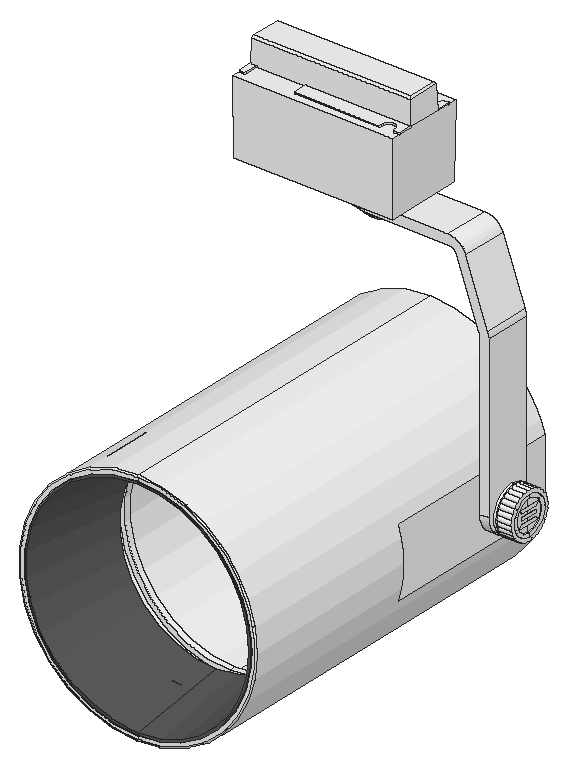
Revit family "STL22454BR_STL22454PTO", category Luminárias, Revit 2023
Family settings
  Cota do conector redondo = Utilizar diâmetro
  Tipo de parte = Normal
  Número OmniClass = 23.80.70.00
  Título OmniClass = Lighting
  Com base no plano de trabalho = Não
  Sempre na vertical = Sim
  Corte com vazios quando carregada = Não
  Fonte luminosa = Não
  Manter orientação da anotação = Não
  Compartilhado = Não
  Ponto de cálculo do ambiente = Não
Parameters (values of type "STL22454BR - BRANCO")
  URL = "https://stella.com.br/"
  Tensão Elétrica = "127-220V"
  Referência = "STL22454BR"
  Potência máxima = 15 W
  Modelo = "Flow PAR30 para Trace"
  Grau de proteção (IP) = "IP20"
  Fabricante = "Stella"
  Estrutura = Al - Branco
  Elevação padrão = 0 m
  Diâmetro do Spot = 0.104083 m
  Comprimento do Spot = 0.16 m
  Altura do Spot = 0.206 m
  Acabamento Spot = Al - Preto
Reference planes (m)
  plane 1 "Eixo de origem da luz (F/T)": y = 0
  plane 2: z = 0
  plane 3 "Eixo de origem da luz (E/D)": x = 0.0084
  plane 4 "Elevação da origem da luz": z = 2.4994
  plane 5: z = 2.444
  plane 6 "Superior": z = 2.65
  plane 7: y = 0.026
  plane 8: y = -0.134
  plane 9: x = 0.060441
  plane 10: z = 2.605
  plane 11: x = -0.043641
Forms (m)
  Extrusion 1, solid, material "Al - Branco" <- "Estrutura"
    sketch origin (-0.031726, 0, 0) x (0, -1, 0) y (0, 0, 1)
      loop
        line (-0.007222, 2.6384) -> (-0.017251, 2.6384) -> (-0.016801, 2.6064) -> (0.016801, 2.6064) -> (0.017251, 2.6384) -> (0.007222, 2.6384) -> (0.006942, 2.649) -> (0.006414, 2.65) -> (-0.006414, 2.65) -> (-0.006942, 2.649) -> (-0.007222, 2.6384)
    from -0.059624 to 0.013642
  Extrusion 2, void
    sketch origin (-0.023326, 0, 0) x (-1, 0, 0) y (0, 0, 1)
      loop
        line (-0.049422, 2.649) -> (-0.048894, 2.65) -> (-0.051224, 2.65) -> (-0.051224, 2.6064) -> (-0.049252, 2.6064) -> (-0.049702, 2.6384) -> (-0.049422, 2.649)
      loop
        line (0.020018, 2.649) -> (0.020298, 2.6384) -> (0.019847, 2.6064) -> (0.022042, 2.6064) -> (0.022042, 2.65) -> (0.01949, 2.65) -> (0.020018, 2.649)
    from -0.024982 to 0.021323
  Extrusion 3, solid, material "Al - Branco" <- "Estrutura"
    sketch origin (0.014478, 0, 0) x (0, -1, 0) y (0, 0, -1)
      loop
        line (-0.014499, -2.6064) -> (-0.014499, -2.60805) -> (-0.015326, -2.60805) -> (-0.015326, -2.60885)
        arc (-0.015326, -2.60885) -> (-0.015011, -2.609283) -> (-0.014499, -2.609443) r 0.000852
        line (-0.014499, -2.609443) -> (-0.014499, -2.6104) -> (0.014499, -2.6104) -> (0.014499, -2.609443)
        arc (0.014499, -2.609443) -> (0.015011, -2.609283) -> (0.015326, -2.60885) r 0.000852
        line (0.015326, -2.60885) -> (0.015326, -2.60805) -> (0.014499, -2.60805) -> (0.014499, -2.6064) -> (-0.014499, -2.6064)
    from -0.059624 to -0.055554
  Extrusion 4, void
    sketch origin (0.014478, 0, 0) x (0, -1, 0) y (0, 0, -1)
      loop
        line (-0.014699, -2.6106) -> (0.014699, -2.6106) -> (0.014699, -2.609627)
        arc (0.014699, -2.609627) -> (0.015219, -2.609371) -> (0.015526, -2.608879) r 0.001052
        line (0.015526, -2.608879) -> (0.015526, -2.60785) -> (0.014699, -2.60785) -> (0.014699, -2.6064) -> (-0.014699, -2.6064) -> (-0.014699, -2.60785) -> (-0.015526, -2.60785) -> (-0.015526, -2.608879)
        arc (-0.015526, -2.608879) -> (-0.015219, -2.609371) -> (-0.014699, -2.609627) r 0.001052
        line (-0.014699, -2.609627) -> (-0.014699, -2.6106)
    from -0.059624 to -0.024388
  Extrusion 5, solid, material "Al - Branco" <- "Estrutura"
    sketch origin (0.014478, -0.03, 0) x (0, -1, 0) y (0, 0, -1)
      loop
        line (-0.044499, -2.6064) -> (-0.044499, -2.60805) -> (-0.015501, -2.60805) -> (-0.015501, -2.6064) -> (-0.044499, -2.6064)
    from -0.055554 to -0.024388
  Extrusion 6, solid, material "Al - Branco" <- "Estrutura"
    sketch origin (-0.023326, 0, 0) x (-1, 0, 0) y (0, 0, 1)
      loop
        line (-0.011173, 2.6064) -> (-0.013416, 2.6064) -> (-0.013416, 2.605371) -> (-0.011173, 2.605371) -> (-0.011173, 2.6064)
    from -0.014499 to 0.014499
  Extrusion 7, solid, material "Al - Branco" <- "Estrutura"
    sketch origin (-0.023326, 0, 2.574) x (0, 1, 0) y (-1, 0, 0)
      loop
        arc (0.013719, -0.047484) -> (0.013573, -0.04713) -> (0.013219, -0.046984) r 0.0005
        line (0.013219, -0.046984) -> (0.012346, -0.046984)
        arc (0.012346, -0.046984) -> (0.009533, -0.044171) -> (0.012346, -0.041358) r 0.002813
        line (0.012346, -0.041358) -> (0.013219, -0.041358)
        arc (0.013219, -0.041358) -> (0.013573, -0.041211) -> (0.013719, -0.040857) r 0.0005
        line (0.013719, -0.040857) -> (0.013719, -0.008488)
        arc (0.013719, -0.008488) -> (0.013573, -0.008135) -> (0.013219, -0.007988) r 0.0005
        line (0.013219, -0.007988) -> (0.007222, -0.007988) -> (0.007222, -0.049702) -> (0.013219, -0.049702)
        arc (0.013219, -0.049702) -> (0.013573, -0.049556) -> (0.013719, -0.049202) r 0.0005
        line (0.013719, -0.049202) -> (0.013719, -0.047484)
      loop
        line (-0.013719, -0.047484) -> (-0.013719, -0.04935)
        arc (-0.013719, -0.04935) -> (-0.013573, -0.049704) -> (-0.013219, -0.04985) r 0.0005
        line (-0.013219, -0.04985) -> (-0.007222, -0.04985) -> (-0.007222, -0.003882) -> (-0.013219, -0.003882)
        arc (-0.013219, -0.003882) -> (-0.013573, -0.004029) -> (-0.013719, -0.004382) r 0.0005
        line (-0.013719, -0.004382) -> (-0.013719, -0.040857)
        arc (-0.013719, -0.040857) -> (-0.013573, -0.041211) -> (-0.013219, -0.041358) r 0.0005
        line (-0.013219, -0.041358) -> (-0.012346, -0.041358)
        arc (-0.012346, -0.041358) -> (-0.009533, -0.044171) -> (-0.012346, -0.046984) r 0.002813
        line (-0.012346, -0.046984) -> (-0.013219, -0.046984)
        arc (-0.013219, -0.046984) -> (-0.013573, -0.04713) -> (-0.013719, -0.047484) r 0.0005
      loop
        line (-0.013182, 0.017625) -> (-0.007222, 0.017625) -> (-0.007222, 0.020298) -> (-0.013182, 0.020298)
        arc (-0.013182, 0.020298) -> (-0.013576, 0.020135) -> (-0.013739, 0.019741) r 0.000557
        line (-0.013739, 0.019741) -> (-0.013739, 0.018182)
        arc (-0.013739, 0.018182) -> (-0.013576, 0.017788) -> (-0.013182, 0.017625) r 0.000557
      loop
        line (0.012346, 0.017642) -> (0.013181, 0.017642)
        arc (0.013181, 0.017642) -> (0.013574, 0.017805) -> (0.013737, 0.018198) r 0.000556
        line (0.013737, 0.018198) -> (0.013737, 0.020298) -> (0.007222, 0.020298) -> (0.007222, 0.014829) -> (0.008997, 0.014829)
        arc (0.008997, 0.014829) -> (0.009409, 0.014961) -> (0.009583, 0.015357) r 0.000526
        arc (0.009583, 0.015357) -> (0.010553, 0.016997) -> (0.012346, 0.017642) r 0.002813
    from 0.0644 to 0.0649
  Revolve 8, void
    sketch origin (-0.023326, 0, 0) x (-1, 0, 0) y (0, 0, 1)
      loop
        line (-0.046923, 2.6064) -> (-0.031723, 2.6064) -> (-0.031723, 2.6129) -> (-0.04681, 2.6129) -> (-0.046923, 2.6064)
      axis (-0.031723, 2.6129) -> (-0.031723, 2.6064)
    angle from 0 to 360
  Extrusion 9, solid, material "Al - Branco" <- "Estrutura", not visible
    sketch origin (-0.1416, -0.1, 0) x (0, 1, 0) y (0, 0, 1)
      loop
        line (-0.007222, 2.6384) -> (-0.017251, 2.6384) -> (-0.016801, 2.6064) -> (0.016801, 2.6064) -> (0.017251, 2.6384) -> (0.007222, 2.6384) -> (0.006942, 2.649) -> (0.006414, 2.65) -> (-0.006414, 2.65) -> (-0.006942, 2.649) -> (-0.007222, 2.6384)
    from -0.059624 to 0.013642
  Extrusion 10, void, not visible
    sketch origin (-0.15, -0.1, 0) x (1, 0, 0) y (0, 0, 1)
      loop
        line (-0.049422, 2.649) -> (-0.048894, 2.65) -> (-0.051224, 2.65) -> (-0.051224, 2.6064) -> (-0.049252, 2.6064) -> (-0.049702, 2.6384) -> (-0.049422, 2.649)
      loop
        line (0.020018, 2.649) -> (0.020298, 2.6384) -> (0.019847, 2.6064) -> (0.022042, 2.6064) -> (0.022042, 2.65) -> (0.01949, 2.65) -> (0.020018, 2.649)
    from -0.024982 to 0.021323
  Extrusion 11, solid, material "Al - Branco" <- "Estrutura", not visible
    sketch origin (-0.187804, -0.1, 0) x (0, 1, 0) y (0, 0, -1)
      loop
        line (-0.014499, -2.6064) -> (-0.014499, -2.60805) -> (-0.015326, -2.60805) -> (-0.015326, -2.60885)
        arc (-0.015326, -2.60885) -> (-0.015011, -2.609283) -> (-0.014499, -2.609443) r 0.000852
        line (-0.014499, -2.609443) -> (-0.014499, -2.6104) -> (0.014499, -2.6104) -> (0.014499, -2.609443)
        arc (0.014499, -2.609443) -> (0.015011, -2.609283) -> (0.015326, -2.60885) r 0.000852
        line (0.015326, -2.60885) -> (0.015326, -2.60805) -> (0.014499, -2.60805) -> (0.014499, -2.6064) -> (-0.014499, -2.6064)
    from -0.059624 to -0.055554
  Extrusion 12, void, not visible
    sketch origin (-0.187804, -0.1, 0) x (0, 1, 0) y (0, 0, -1)
      loop
        line (-0.014699, -2.6106) -> (0.014699, -2.6106) -> (0.014699, -2.609627)
        arc (0.014699, -2.609627) -> (0.015219, -2.609371) -> (0.015526, -2.608879) r 0.001052
        line (0.015526, -2.608879) -> (0.015526, -2.60785) -> (0.014699, -2.60785) -> (0.014699, -2.6064) -> (-0.014699, -2.6064) -> (-0.014699, -2.60785) -> (-0.015526, -2.60785) -> (-0.015526, -2.608879)
        arc (-0.015526, -2.608879) -> (-0.015219, -2.609371) -> (-0.014699, -2.609627) r 0.001052
        line (-0.014699, -2.609627) -> (-0.014699, -2.6106)
    from -0.059624 to -0.024388
  Extrusion 13, solid, material "Al - Branco" <- "Estrutura", not visible
    sketch origin (-0.187804, -0.07, 0) x (0, 1, 0) y (0, 0, -1)
      loop
        line (-0.044499, -2.6064) -> (-0.044499, -2.60805) -> (-0.015501, -2.60805) -> (-0.015501, -2.6064) -> (-0.044499, -2.6064)
    from -0.055554 to -0.024388
  Extrusion 14, solid, material "Al - Branco" <- "Estrutura", not visible
    sketch origin (-0.15, -0.1, 0) x (1, 0, 0) y (0, 0, 1)
      loop
        line (-0.011173, 2.6064) -> (-0.013416, 2.6064) -> (-0.013416, 2.605371) -> (-0.011173, 2.605371) -> (-0.011173, 2.6064)
    from -0.014499 to 0.014499
  Extrusion 15, solid, material "Al - Branco" <- "Estrutura", not visible
    sketch origin (-0.15, -0.1, 2.574) x (0, -1, 0) y (1, 0, 0)
      loop
        arc (0.013719, -0.047484) -> (0.013573, -0.04713) -> (0.013219, -0.046984) r 0.0005
        line (0.013219, -0.046984) -> (0.012346, -0.046984)
        arc (0.012346, -0.046984) -> (0.009533, -0.044171) -> (0.012346, -0.041358) r 0.002813
        line (0.012346, -0.041358) -> (0.013219, -0.041358)
        arc (0.013219, -0.041358) -> (0.013573, -0.041211) -> (0.013719, -0.040857) r 0.0005
        line (0.013719, -0.040857) -> (0.013719, -0.008488)
        arc (0.013719, -0.008488) -> (0.013573, -0.008135) -> (0.013219, -0.007988) r 0.0005
        line (0.013219, -0.007988) -> (0.007222, -0.007988) -> (0.007222, -0.049702) -> (0.013219, -0.049702)
        arc (0.013219, -0.049702) -> (0.013573, -0.049556) -> (0.013719, -0.049202) r 0.0005
        line (0.013719, -0.049202) -> (0.013719, -0.047484)
      loop
        line (-0.013719, -0.047484) -> (-0.013719, -0.04935)
        arc (-0.013719, -0.04935) -> (-0.013573, -0.049704) -> (-0.013219, -0.04985) r 0.0005
        line (-0.013219, -0.04985) -> (-0.007222, -0.04985) -> (-0.007222, -0.003882) -> (-0.013219, -0.003882)
        arc (-0.013219, -0.003882) -> (-0.013573, -0.004029) -> (-0.013719, -0.004382) r 0.0005
        line (-0.013719, -0.004382) -> (-0.013719, -0.040857)
        arc (-0.013719, -0.040857) -> (-0.013573, -0.041211) -> (-0.013219, -0.041358) r 0.0005
        line (-0.013219, -0.041358) -> (-0.012346, -0.041358)
        arc (-0.012346, -0.041358) -> (-0.009533, -0.044171) -> (-0.012346, -0.046984) r 0.002813
        line (-0.012346, -0.046984) -> (-0.013219, -0.046984)
        arc (-0.013219, -0.046984) -> (-0.013573, -0.04713) -> (-0.013719, -0.047484) r 0.0005
      loop
        line (-0.013182, 0.017625) -> (-0.007222, 0.017625) -> (-0.007222, 0.020298) -> (-0.013182, 0.020298)
        arc (-0.013182, 0.020298) -> (-0.013576, 0.020135) -> (-0.013739, 0.019741) r 0.000557
        line (-0.013739, 0.019741) -> (-0.013739, 0.018182)
        arc (-0.013739, 0.018182) -> (-0.013576, 0.017788) -> (-0.013182, 0.017625) r 0.000557
      loop
        line (0.012346, 0.017642) -> (0.013181, 0.017642)
        arc (0.013181, 0.017642) -> (0.013574, 0.017805) -> (0.013737, 0.018198) r 0.000556
        line (0.013737, 0.018198) -> (0.013737, 0.020298) -> (0.007222, 0.020298) -> (0.007222, 0.014829) -> (0.008997, 0.014829)
        arc (0.008997, 0.014829) -> (0.009409, 0.014961) -> (0.009583, 0.015357) r 0.000526
        arc (0.009583, 0.015357) -> (0.010553, 0.016997) -> (0.012346, 0.017642) r 0.002813
    from 0.0644 to 0.0649
  Revolve 16, void, not visible
    sketch origin (-0.15, -0.1, 0) x (1, 0, 0) y (0, 0, 1)
      loop
        line (-0.046923, 2.6064) -> (-0.031723, 2.6064) -> (-0.031723, 2.6129) -> (-0.04681, 2.6129) -> (-0.046923, 2.6064)
      axis (-0.031723, 2.6129) -> (-0.031723, 2.6064)
    angle from 0 to 360
  Revolve 17, solid, material "Al - Branco" <- "Estrutura"
    sketch origin (0.030318, 0, -0.0205) x (1, 0, 0) y (0, 0, 1)
      loop
        line (0.034579, 2.5281) -> (0.035578, 2.5281) -> (0.035578, 2.5299) -> (0.034579, 2.5299) -> (0.034579, 2.5281)
      loop
        line (0.027879, 2.5239) -> (0.027879, 2.5199) -> (0.033078, 2.5199) -> (0.033078, 2.5239) -> (0.027879, 2.5239)
      axis (0.035578, 2.5199) -> (0.027879, 2.5199)
    angle from 0 to 360
  Extrusion 18, solid, material "Al - Branco" <- "Estrutura"
    sketch origin (0.030318, 0.008398, -0.0205) x (0, -1, 0) y (0, 0, 1)
      loop
        arc (0.004366, 2.527942) -> (0.002917, 2.528238) -> (0.002614, 2.526791) r 0.001048
        arc (0.002614, 2.526791) -> (0.001137, 2.526743) -> (0.001177, 2.525265) r 0.001048
        arc (0.001177, 2.525265) -> (-0.00025, 2.524877) -> (0.000132, 2.523448) r 0.001048
        arc (0.000132, 2.523448) -> (-0.001167, 2.522741) -> (-0.000466, 2.521439) r 0.001048
        arc (-0.000466, 2.521439) -> (-0.001565, 2.52045) -> (-0.000581, 2.519346) r 0.001048
        arc (-0.000581, 2.519346) -> (-0.001423, 2.51813) -> (-0.000211, 2.517283) r 0.001048
        arc (-0.000211, 2.517283) -> (-0.000747, 2.515905) -> (0.000628, 2.515362) r 0.001048
        arc (0.000628, 2.515362) -> (0.000425, 2.513897) -> (0.001889, 2.513687) r 0.001048
        arc (0.001889, 2.513687) -> (0.002029, 2.512215) -> (0.003502, 2.512349) r 0.001048
        arc (0.003502, 2.512349) -> (0.00398, 2.51095) -> (0.005382, 2.511421) r 0.001048
        arc (0.005382, 2.511421) -> (0.00617, 2.51017) -> (0.007425, 2.510952) r 0.001048
        arc (0.007425, 2.510952) -> (0.008481, 2.509918) -> (0.009521, 2.51097) r 0.001048
        arc (0.009521, 2.51097) -> (0.010788, 2.510207) -> (0.011556, 2.511471) r 0.001048
        arc (0.011556, 2.511471) -> (0.012965, 2.511023) -> (0.01342, 2.51243) r 0.001048
        arc (0.01342, 2.51243) -> (0.014894, 2.51232) -> (0.015012, 2.513794) r 0.001048
        arc (0.015012, 2.513794) -> (0.016472, 2.514028) -> (0.016244, 2.51549) r 0.001048
        arc (0.016244, 2.51549) -> (0.017611, 2.516055) -> (0.017052, 2.517424) r 0.001048
        arc (0.017052, 2.517424) -> (0.01825, 2.518291) -> (0.017389, 2.519493) r 0.001048
        arc (0.017389, 2.519493) -> (0.018354, 2.520613) -> (0.017239, 2.521583) r 0.001048
        arc (0.017239, 2.521583) -> (0.017919, 2.522897) -> (0.016609, 2.523583) r 0.001048
        arc (0.016609, 2.523583) -> (0.016967, 2.525017) -> (0.015534, 2.525382) r 0.001048
        arc (0.015534, 2.525382) -> (0.01555, 2.526861) -> (0.014071, 2.526883) r 0.001048
        arc (0.014071, 2.526883) -> (0.013745, 2.528326) -> (0.012301, 2.528006) r 0.001048
        arc (0.012301, 2.528006) -> (0.01165, 2.529334) -> (0.010319, 2.528688) r 0.001048
        arc (0.010319, 2.528688) -> (0.009379, 2.52983) -> (0.008233, 2.528894) r 0.001048
        arc (0.008233, 2.528894) -> (0.007155, 2.529817) -> (0.006336, 2.528658) r 0.00096
        arc (0.006336, 2.528658) -> (0.004995, 2.52928) -> (0.004366, 2.527942) r 0.001048
      loop
        circle (0.0084, 2.5199) r 0.0082
    from -0.042087 to -0.035578
  Extrusion 19, solid, material "Al - Branco" <- "Estrutura"
    sketch origin (0.030318, 0.0084, -0.0205) x (0, -1, 0) y (0, 0, 1)
      loop
        line (0.004798, 2.520605) -> (0.004798, 2.519195) -> (0.011997, 2.519195) -> (0.011997, 2.520605) -> (0.004798, 2.520605)
      loop
        line (0.004798, 2.522) -> (0.012002, 2.522) -> (0.013402, 2.5234) -> (0.003398, 2.5234) -> (0.004798, 2.522)
      loop
        line (0.004798, 2.5178) -> (0.003398, 2.5164) -> (0.013402, 2.5164) -> (0.012002, 2.5178) -> (0.004798, 2.5178)
    from -0.041835 to -0.041287
  Extrusion 20, solid, material "Al - Branco" <- "Estrutura"
    sketch origin (0.044628, 0.0084, -0.0205) x (0, -1, 0) y (0, 0, 1)
      loop
        line (0.0093, 2.524818) -> (0.0093, 2.52805)
        arc (0.0093, 2.52805) -> (0.0084, 2.5281) -> (0.0075, 2.52805) r 0.0082
        line (0.0075, 2.52805) -> (0.0075, 2.524818)
        arc (0.0075, 2.524818) -> (0.0084, 2.5249) -> (0.0093, 2.524818) r 0.005
      loop
        line (0.0093, 2.51175) -> (0.0093, 2.514982)
        arc (0.0093, 2.514982) -> (0.0084, 2.5149) -> (0.0075, 2.514982) r 0.005
        line (0.0075, 2.514982) -> (0.0075, 2.51175)
        arc (0.0075, 2.51175) -> (0.0084, 2.5117) -> (0.0093, 2.51175) r 0.0082
      loop
        line (0.013313, 2.518972) -> (0.016547, 2.518972)
        arc (0.016547, 2.518972) -> (0.0166, 2.519872) -> (0.016553, 2.520772) r 0.0082
        line (0.016553, 2.520772) -> (0.013323, 2.520772)
        arc (0.013323, 2.520772) -> (0.0134, 2.519872) -> (0.013313, 2.518972) r 0.005
      loop
        line (0.000255, 2.518951) -> (0.003487, 2.518972)
        arc (0.003487, 2.518972) -> (0.0034, 2.519872) -> (0.003477, 2.520772) r 0.005
        line (0.003477, 2.520772) -> (0.000247, 2.520772)
        arc (0.000247, 2.520772) -> (0.0002, 2.519861) -> (0.000255, 2.518951) r 0.0082
    from -0.023769 to -0.021268
  Revolve 21, solid, material "Al - Branco" <- "Estrutura"
    sketch origin (0.030318, 0, -0.0205) x (1, 0, 0) y (0, 0, 1)
      loop
        line (0.038079, 2.5281) -> (0.038079, 2.5249)
        spline (0.038079, 2.5249) -> (0.037704, 2.5249) -> (0.037329, 2.5249) -> (0.036954, 2.5249) -> (0.036578, 2.5249) -> (0.036203, 2.5249) -> (0.035828, 2.5249) -> (0.035453, 2.5249) -> (0.035078, 2.5249) -> (0.034703, 2.5249) -> (0.034328, 2.5249) -> (0.033952, 2.5249) -> (0.033577, 2.5249)
        arc (0.033577, 2.5249) -> (0.033225, 2.524753) -> (0.033079, 2.5244) r 0.0005
        line (0.033079, 2.5244) -> (0.033079, 2.5199) -> (0.041287, 2.5199) -> (0.041287, 2.526698) -> (0.042087, 2.526698) -> (0.042087, 2.5281) -> (0.038079, 2.5281)
      axis (0.033079, 2.5199) -> (0.042087, 2.5199)
    angle from 0 to 360
  Extrusion 22, void
    sketch origin (0.024995, -0.021208, -0.0132) x (1, 0, 0) y (0, 0, 1)
      loop
        line (0.033702, 2.517028) -> (0.033702, 2.50804) -> (0.037902, 2.50804) -> (0.037902, 2.517028) -> (0.033702, 2.517028)
    from -0.027269 to -0.015669
  Revolve 23, solid, material "Al - Branco" <- "Estrutura", not visible
    sketch origin (0.013723, 0.000104, -0.0073) x (1, 0, 0) y (0, 0, 1)
      loop
        line (0.034579, 2.5281) -> (0.035578, 2.5281) -> (0.035578, 2.5299) -> (0.034579, 2.5299) -> (0.034579, 2.5281)
      loop
        line (0.027879, 2.5239) -> (0.027879, 2.5199) -> (0.033078, 2.5199) -> (0.033078, 2.5239) -> (0.027879, 2.5239)
      axis (0.035578, 2.5199) -> (0.027879, 2.5199)
    angle from 0 to 360
  Extrusion 24, solid, material "Al - Branco" <- "Estrutura", not visible
    sketch origin (0.013723, 0.008502, -0.0073) x (0, -1, 0) y (0, 0, 1)
      loop
        arc (0.004366, 2.527942) -> (0.002917, 2.528238) -> (0.002614, 2.526791) r 0.001048
        arc (0.002614, 2.526791) -> (0.001137, 2.526743) -> (0.001177, 2.525265) r 0.001048
        arc (0.001177, 2.525265) -> (-0.00025, 2.524877) -> (0.000132, 2.523448) r 0.001048
        arc (0.000132, 2.523448) -> (-0.001167, 2.522741) -> (-0.000466, 2.521439) r 0.001048
        arc (-0.000466, 2.521439) -> (-0.001565, 2.52045) -> (-0.000581, 2.519346) r 0.001048
        arc (-0.000581, 2.519346) -> (-0.001423, 2.51813) -> (-0.000211, 2.517283) r 0.001048
        arc (-0.000211, 2.517283) -> (-0.000747, 2.515905) -> (0.000628, 2.515362) r 0.001048
        arc (0.000628, 2.515362) -> (0.000425, 2.513897) -> (0.001889, 2.513687) r 0.001048
        arc (0.001889, 2.513687) -> (0.002029, 2.512215) -> (0.003502, 2.512349) r 0.001048
        arc (0.003502, 2.512349) -> (0.00398, 2.51095) -> (0.005382, 2.511421) r 0.001048
        arc (0.005382, 2.511421) -> (0.00617, 2.51017) -> (0.007425, 2.510952) r 0.001048
        arc (0.007425, 2.510952) -> (0.008481, 2.509918) -> (0.009521, 2.51097) r 0.001048
        arc (0.009521, 2.51097) -> (0.010788, 2.510207) -> (0.011556, 2.511471) r 0.001048
        arc (0.011556, 2.511471) -> (0.012965, 2.511023) -> (0.01342, 2.51243) r 0.001048
        arc (0.01342, 2.51243) -> (0.014894, 2.51232) -> (0.015012, 2.513794) r 0.001048
        arc (0.015012, 2.513794) -> (0.016472, 2.514028) -> (0.016244, 2.51549) r 0.001048
        arc (0.016244, 2.51549) -> (0.017611, 2.516055) -> (0.017052, 2.517424) r 0.001048
        arc (0.017052, 2.517424) -> (0.01825, 2.518291) -> (0.017389, 2.519493) r 0.001048
        arc (0.017389, 2.519493) -> (0.018354, 2.520613) -> (0.017239, 2.521583) r 0.001048
        arc (0.017239, 2.521583) -> (0.017919, 2.522897) -> (0.016609, 2.523583) r 0.001048
        arc (0.016609, 2.523583) -> (0.016967, 2.525017) -> (0.015534, 2.525382) r 0.001048
        arc (0.015534, 2.525382) -> (0.01555, 2.526861) -> (0.014071, 2.526883) r 0.001048
        arc (0.014071, 2.526883) -> (0.013745, 2.528326) -> (0.012301, 2.528006) r 0.001048
        arc (0.012301, 2.528006) -> (0.01165, 2.529334) -> (0.010319, 2.528688) r 0.001048
        arc (0.010319, 2.528688) -> (0.009379, 2.52983) -> (0.008233, 2.528894) r 0.001048
        arc (0.008233, 2.528894) -> (0.007155, 2.529817) -> (0.006336, 2.528658) r 0.00096
        arc (0.006336, 2.528658) -> (0.004995, 2.52928) -> (0.004366, 2.527942) r 0.001048
      loop
        circle (0.0084, 2.5199) r 0.0082
    from -0.042087 to -0.035578
  Extrusion 25, solid, material "Al - Branco" <- "Estrutura", not visible
    sketch origin (0.013723, 0.008504, -0.0073) x (0, -1, 0) y (0, 0, 1)
      loop
        line (0.004798, 2.520605) -> (0.004798, 2.519195) -> (0.011997, 2.519195) -> (0.011997, 2.520605) -> (0.004798, 2.520605)
      loop
        line (0.004798, 2.522) -> (0.012002, 2.522) -> (0.013402, 2.5234) -> (0.003398, 2.5234) -> (0.004798, 2.522)
      loop
        line (0.004798, 2.5178) -> (0.003398, 2.5164) -> (0.013402, 2.5164) -> (0.012002, 2.5178) -> (0.004798, 2.5178)
    from -0.041835 to -0.041287
  Extrusion 26, solid, material "Al - Branco" <- "Estrutura", not visible
    sketch origin (0.028033, 0.008504, -0.0073) x (0, -1, 0) y (0, 0, 1)
      loop
        line (0.0093, 2.524818) -> (0.0093, 2.52805)
        arc (0.0093, 2.52805) -> (0.0084, 2.5281) -> (0.0075, 2.52805) r 0.0082
        line (0.0075, 2.52805) -> (0.0075, 2.524818)
        arc (0.0075, 2.524818) -> (0.0084, 2.5249) -> (0.0093, 2.524818) r 0.005
      loop
        line (0.0093, 2.51175) -> (0.0093, 2.514982)
        arc (0.0093, 2.514982) -> (0.0084, 2.5149) -> (0.0075, 2.514982) r 0.005
        line (0.0075, 2.514982) -> (0.0075, 2.51175)
        arc (0.0075, 2.51175) -> (0.0084, 2.5117) -> (0.0093, 2.51175) r 0.0082
      loop
        line (0.013313, 2.518972) -> (0.016547, 2.518972)
        arc (0.016547, 2.518972) -> (0.0166, 2.519872) -> (0.016553, 2.520772) r 0.0082
        line (0.016553, 2.520772) -> (0.013323, 2.520772)
        arc (0.013323, 2.520772) -> (0.0134, 2.519872) -> (0.013313, 2.518972) r 0.005
      loop
        line (0.000255, 2.518951) -> (0.003487, 2.518972)
        arc (0.003487, 2.518972) -> (0.0034, 2.519872) -> (0.003477, 2.520772) r 0.005
        line (0.003477, 2.520772) -> (0.000247, 2.520772)
        arc (0.000247, 2.520772) -> (0.0002, 2.519861) -> (0.000255, 2.518951) r 0.0082
    from -0.023769 to -0.021268
  Revolve 27, solid, material "Al - Branco" <- "Estrutura", not visible
    sketch origin (0.013723, 0.000104, -0.0073) x (1, 0, 0) y (0, 0, 1)
      loop
        line (0.038079, 2.5281) -> (0.038079, 2.5249)
        spline (0.038079, 2.5249) -> (0.037704, 2.5249) -> (0.037329, 2.5249) -> (0.036954, 2.5249) -> (0.036578, 2.5249) -> (0.036203, 2.5249) -> (0.035828, 2.5249) -> (0.035453, 2.5249) -> (0.035078, 2.5249) -> (0.034703, 2.5249) -> (0.034328, 2.5249) -> (0.033952, 2.5249) -> (0.033577, 2.5249)
        arc (0.033577, 2.5249) -> (0.033225, 2.524753) -> (0.033079, 2.5244) r 0.0005
        line (0.033079, 2.5244) -> (0.033079, 2.5199) -> (0.041287, 2.5199) -> (0.041287, 2.526698) -> (0.042087, 2.526698) -> (0.042087, 2.5281) -> (0.038079, 2.5281)
      axis (0.033079, 2.5199) -> (0.042087, 2.5199)
    angle from 0 to 360
  Extrusion 28, void, not visible
    sketch origin (0.0084, -0.021104, 0) x (1, 0, 0) y (0, 0, 1)
      loop
        line (0.033702, 2.517028) -> (0.033702, 2.50804) -> (0.037902, 2.50804) -> (0.037902, 2.517028) -> (0.033702, 2.517028)
    from -0.027269 to -0.015669
  Revolve 29, solid, material "Al - Branco" <- "Estrutura"
    sketch origin (0.0084, 0.124967, 4.898022) x (0, -1, -0.000001) y (0, 0.000001, -1)
      loop
        line (0.09897, 2.448422) -> (0.20597, 2.446928) -> (0.20597, 2.444757) -> (0.20867, 2.444757) -> (0.20867, 2.447144) -> (0.21797, 2.447242) -> (0.21797, 2.448463) -> (0.25897, 2.448463) -> (0.25897, 2.450163)
        arc (0.25897, 2.450163) -> (0.258823, 2.450517) -> (0.25847, 2.450663) r 0.0005
        line (0.25847, 2.450663) -> (0.09897, 2.450663) -> (0.09897, 2.448422)
      axis (0.09897, 2.398622) -> (0.25897, 2.398622)
    angle from 0 to 360
  Revolve 30, solid, material "Al - Preto" <- "Acabamento Spot"
    sketch origin (0.0084, 0.124967, 4.898022) x (0, -1, -0.000001) y (0, 0.000001, -1)
      loop
        line (0.216062, 2.441138) -> (0.25897, 2.447322) -> (0.25897, 2.448322) -> (0.252506, 2.448209) -> (0.228684, 2.444776)
        arc (0.228684, 2.444776) -> (0.228046, 2.444963) -> (0.22777, 2.445568) r 0.0008
        line (0.22777, 2.445568) -> (0.22777, 2.446977) -> (0.221546, 2.446868)
        arc (0.221546, 2.446868) -> (0.221135, 2.446972) -> (0.220909, 2.447331) r 0.000569
        arc (0.220909, 2.447331) -> (0.220567, 2.447576) -> (0.220154, 2.447658) r 0.001
        arc (0.220154, 2.447658) -> (0.219527, 2.447424) -> (0.219188, 2.446847) r 0.001
        arc (0.219188, 2.446847) -> (0.219168, 2.446449) -> (0.21917, 2.44605) r 0.007571
        arc (0.21917, 2.44605) -> (0.219356, 2.445665) -> (0.219768, 2.445548) r 0.000523
        line (0.219768, 2.445548) -> (0.22597, 2.445548) -> (0.22597, 2.444758) -> (0.21487, 2.443159) -> (0.216062, 2.441138)
      axis (0.21487, 2.398622) -> (0.25897, 2.398622)
    angle from 0 to 360
  Revolve 31, solid, material "Al - Branco" <- "Estrutura"
    sketch origin (0.0084, 0.124967, 4.898022) x (0, -1, -0.000001) y (0, 0.000001, -1)
      loop
        line (0.07247, 2.402122) -> (0.07247, 2.398622) -> (0.10247, 2.398622) -> (0.10247, 2.402122) -> (0.07247, 2.402122)
      loop
        line (0.09067, 2.402872) -> (0.10347, 2.402872) -> (0.10347, 2.417322)
        arc (0.10347, 2.417322) -> (0.104055, 2.418736) -> (0.10547, 2.419322) r 0.002
        line (0.10547, 2.419322) -> (0.14907, 2.419322) -> (0.14907, 2.420222) -> (0.10547, 2.420222)
        arc (0.10547, 2.420222) -> (0.103348, 2.419343) -> (0.10247, 2.417222) r 0.003
        line (0.10247, 2.417222) -> (0.10247, 2.405622) -> (0.10047, 2.405622) -> (0.10047, 2.404667) -> (0.09067, 2.404154) -> (0.09067, 2.402872)
      axis (0.07247, 2.398622) -> (0.14907, 2.398622)
    angle from 0 to 360
  Revolve 32, solid, material "Al - Branco" <- "Estrutura"
    sketch origin (0.0084, 0.124967, 4.898022) x (0, -1, -0.000001) y (0, 0.000001, -1)
      loop
        line (0.10832, 2.416622) -> (0.10832, 2.415122) -> (0.10747, 2.415122) -> (0.10747, 2.402622) -> (0.10832, 2.402622) -> (0.10832, 2.414144) -> (0.11132, 2.414144) -> (0.11132, 2.398622) -> (0.12132, 2.398622) -> (0.12132, 2.411138) -> (0.13382, 2.411138)
        arc (0.13382, 2.411138) -> (0.133967, 2.411515) -> (0.134321, 2.411713) r 0.0006
        line (0.134321, 2.411713) -> (0.14832, 2.414258) -> (0.14832, 2.416622) -> (0.10832, 2.416622)
      axis (0.10747, 2.398622) -> (0.14832, 2.398622)
    angle from 0 to 360
  Extrusion 33, void
    sketch origin (0, -1.606581, 0.100777) x (1, 0, 0) y (0, -0.000001, 1)
      loop
        arc (-0.00035, 2.394872) -> (0.0034, 2.398622) -> (-0.00035, 2.402372) r 0.00375
        line (-0.00035, 2.402372) -> (-0.004143, 2.402372)
        arc (-0.004143, 2.402372) -> (-0.004541, 2.402241) -> (-0.004806, 2.401918) r 0.000749
        arc (-0.004806, 2.401918) -> (-0.005211, 2.398622) -> (-0.004806, 2.395326) r 0.013611
        arc (-0.004806, 2.395326) -> (-0.004541, 2.395002) -> (-0.004143, 2.394872) r 0.000749
        line (-0.004143, 2.394872) -> (-0.00035, 2.394872)
      loop
        line (0.01715, 2.394872) -> (0.020943, 2.394872)
        arc (0.020943, 2.394872) -> (0.021341, 2.395002) -> (0.021606, 2.395326) r 0.000749
        arc (0.021606, 2.395326) -> (0.022011, 2.398622) -> (0.021606, 2.401918) r 0.013611
        arc (0.021606, 2.401918) -> (0.021341, 2.402241) -> (0.020943, 2.402372) r 0.000749
        line (0.020943, 2.402372) -> (0.01715, 2.402372)
        arc (0.01715, 2.402372) -> (0.0134, 2.398622) -> (0.01715, 2.394872) r 0.00375
    from -1.621041 to -1.582483
  Extrusion 34, void
    sketch origin (0, -1.606581, 0.100777) x (1, 0, 0) y (0, -0.000001, 1)
      loop
        line (0.0124, 2.403622) -> (0.016687, 2.405753)
        arc (0.016687, 2.405753) -> (0.016927, 2.406065) -> (0.01683, 2.406446) r 0.00045
        arc (0.01683, 2.406446) -> (0.012999, 2.409164) -> (0.0084, 2.410124) r 0.011502
        arc (0.0084, 2.410124) -> (0.003801, 2.409164) -> (-0.00003, 2.406446) r 0.011502
        arc (-0.00003, 2.406446) -> (-0.000127, 2.406065) -> (0.000113, 2.405753) r 0.00045
        line (0.000113, 2.405753) -> (0.0044, 2.403622) -> (0.0124, 2.403622)
      loop
        line (0.0124, 2.393622) -> (0.0044, 2.393622) -> (0.000113, 2.39149)
        arc (0.000113, 2.39149) -> (-0.000127, 2.391178) -> (-0.00003, 2.390797) r 0.00045
        arc (-0.00003, 2.390797) -> (0.003801, 2.388079) -> (0.0084, 2.38712) r 0.011502
        arc (0.0084, 2.38712) -> (0.012999, 2.388079) -> (0.01683, 2.390797) r 0.011502
        arc (0.01683, 2.390797) -> (0.016927, 2.391178) -> (0.016687, 2.39149) r 0.00045
        line (0.016687, 2.39149) -> (0.0124, 2.393622)
    from -1.610796 to -1.601583
  Extrusion 35, void
    sketch origin (0, -1.606581, 0.100777) x (1, 0, 0) y (0, -0.000001, 1)
      loop
        circle (0.0084, 2.407622) r 0.001
      loop
        circle (0.0084, 2.389622) r 0.001
      loop
        circle (0.01965, 2.398622) r 0.00125
      loop
        circle (-0.00285, 2.398622) r 0.00125
    from -1.625374 to -1.582483
  Blend 36, solid, material "Al - Branco" <- "Estrutura"
    base sketch origin (0.000049, -1.606581, 0.102172) x (1, 0, 0) y (0, -0.000001, 1)
      loop
        line (0.055944, 2.382565) -> (0.058184, 2.382225) -> (0.058184, 2.412228) -> (0.055944, 2.411888) -> (0.055944, 2.382565)
    top sketch origin (0.000049, -3.009995, 0.102171) x (1, 0, 0) y (0, -0.000001, 1)
      loop
        line (0.058184, 2.412228) -> (0.05445, 2.411661) -> (0.05445, 2.382792) -> (0.058184, 2.382225) -> (0.058184, 2.412228)
    from -1.632583 to -2.928997
  Extrusion 37, void
    sketch origin (0.02, -1.606581, 0.100777) x (1, 0, 0) y (0, -0.000001, 1)
      loop
        line (0.040993, 2.414042) -> (0.028698, 2.412176)
        arc (0.028698, 2.412176) -> (0.030917, 2.398622) -> (0.028698, 2.385067) r 0.042517
        line (0.028698, 2.385067) -> (0.040993, 2.383201) -> (0.040993, 2.414042)
    from -1.632583 to -1.552583
  Extrusion 38, void
    sketch origin (0, -1.606581, 0.100777) x (1, 0, 0) y (0, -0.000001, 1)
      loop
        line (0.057615, 2.381645) -> (0.063233, 2.381645) -> (0.063233, 2.415376) -> (0.057615, 2.415376) -> (0.057615, 2.381645)
    from -1.552583 to -1.525583
  Extrusion 39, solid, material "Al - Branco" <- "Estrutura"
    sketch origin (-0.240003, 0, -0.0088) x (1, 0, 0) y (0, 0, 1)
      loop
        line (0.2369, 2.609) -> (0.28484, 2.609)
        arc (0.28484, 2.609) -> (0.287249, 2.60824) -> (0.288787, 2.606236) r 0.0042
        line (0.288787, 2.606236) -> (0.298447, 2.579696)
        arc (0.298447, 2.579696) -> (0.298636, 2.578989) -> (0.2987, 2.578259) r 0.0042
        line (0.2987, 2.578259) -> (0.2987, 2.4967) -> (0.3029, 2.4967) -> (0.3029, 2.578259)
        arc (0.3029, 2.578259) -> (0.302772, 2.579718) -> (0.302393, 2.581132) r 0.0084
        line (0.302393, 2.581132) -> (0.292733, 2.607673)
        arc (0.292733, 2.607673) -> (0.289658, 2.611681) -> (0.28484, 2.6132) r 0.0084
        line (0.28484, 2.6132) -> (0.2369, 2.6132) -> (0.2369, 2.609)
    from -0.01 to 0.01
  Revolve 40, solid, material "Al - Branco" <- "Estrutura"
    sketch origin (-0.240003, 0, -0.0088) x (1, 0, 0) y (0, 0, 1)
      loop
        arc (0.242402, 2.6058) -> (0.242636, 2.605234) -> (0.243202, 2.605) r 0.0008
        line (0.243202, 2.605) -> (0.24493, 2.605) -> (0.24493, 2.609) -> (0.2404, 2.609) -> (0.2404, 2.607) -> (0.242402, 2.607) -> (0.242402, 2.6058)
      loop
        line (0.24325, 2.6132) -> (0.24325, 2.6162) -> (0.235448, 2.6162) -> (0.23541, 2.6205) -> (0.23341, 2.6205) -> (0.233469, 2.613753)
        arc (0.233469, 2.613753) -> (0.233631, 2.613362) -> (0.234022, 2.6132) r 0.000553
        line (0.234022, 2.6132) -> (0.24325, 2.6132)
      axis (0.2484, 2.605) -> (0.2484, 2.6205)
    angle from 0 to 360
  Extrusion 41, void
    sketch origin (-0.231603, 0, -0.0088) x (0, 1, 0) y (0, 0, 1)
      loop
        line (-0.01, 2.5082) -> (-0.012, 2.5082) -> (-0.012, 2.495283) -> (0.012, 2.495283) -> (0.012, 2.5082) -> (0.01, 2.5082)
        arc (0.01, 2.5082) -> (0, 2.4982) -> (-0.01, 2.5082) r 0.01
    from 0.2903 to 0.2945
  Extrusion 42, void
    sketch origin (-0.240003, 0, 2.5038) x (0, -1, 0) y (1, 0, 0)
      loop
        line (-0.01, 0.2484) -> (-0.0115, 0.2484) -> (-0.0115, 0.236357) -> (0.0115, 0.236357) -> (0.0115, 0.2484) -> (0.01, 0.2484)
        arc (0.01, 0.2484) -> (0, 0.2384) -> (-0.01, 0.2484) r 0.01
    from 0.0964 to 0.1006
  Extrusion 43, solid, material "Al - Branco" <- "Estrutura", not visible
    sketch origin (0, 0, 0) x (1, 0, 0) y (0, 0, 1)
      loop
        line (0.2369, 2.609) -> (0.28484, 2.609)
        arc (0.28484, 2.609) -> (0.287249, 2.60824) -> (0.288787, 2.606236) r 0.0042
        line (0.288787, 2.606236) -> (0.298447, 2.579696)
        arc (0.298447, 2.579696) -> (0.298636, 2.578989) -> (0.2987, 2.578259) r 0.0042
        line (0.2987, 2.578259) -> (0.2987, 2.4967) -> (0.3029, 2.4967) -> (0.3029, 2.578259)
        arc (0.3029, 2.578259) -> (0.302772, 2.579718) -> (0.302393, 2.581132) r 0.0084
        line (0.302393, 2.581132) -> (0.292733, 2.607673)
        arc (0.292733, 2.607673) -> (0.289658, 2.611681) -> (0.28484, 2.6132) r 0.0084
        line (0.28484, 2.6132) -> (0.2369, 2.6132) -> (0.2369, 2.609)
    from -0.01 to 0.01
  Revolve 44, solid, material "Al - Branco" <- "Estrutura", not visible
    sketch origin (0, 0, 0) x (1, 0, 0) y (0, 0, 1)
      loop
        arc (0.242402, 2.6058) -> (0.242636, 2.605234) -> (0.243202, 2.605) r 0.0008
        line (0.243202, 2.605) -> (0.24493, 2.605) -> (0.24493, 2.609) -> (0.2404, 2.609) -> (0.2404, 2.607) -> (0.242402, 2.607) -> (0.242402, 2.6058)
      loop
        line (0.24325, 2.6132) -> (0.24325, 2.6162) -> (0.235448, 2.6162) -> (0.23541, 2.6205) -> (0.23341, 2.6205) -> (0.233469, 2.613753)
        arc (0.233469, 2.613753) -> (0.233631, 2.613362) -> (0.234022, 2.6132) r 0.000553
        line (0.234022, 2.6132) -> (0.24325, 2.6132)
      axis (0.2484, 2.605) -> (0.2484, 2.6205)
    angle from 0 to 360
  Extrusion 45, void, not visible
    sketch origin (0.0084, 0, 0) x (0, 1, 0) y (0, 0, 1)
      loop
        line (-0.01, 2.5082) -> (-0.012, 2.5082) -> (-0.012, 2.495283) -> (0.012, 2.495283) -> (0.012, 2.5082) -> (0.01, 2.5082)
        arc (0.01, 2.5082) -> (0, 2.4982) -> (-0.01, 2.5082) r 0.01
    from 0.2903 to 0.2945
  Extrusion 46, void, not visible
    sketch origin (0, 0, 2.5126) x (0, -1, 0) y (1, 0, 0)
      loop
        line (-0.01, 0.2484) -> (-0.0115, 0.2484) -> (-0.0115, 0.236357) -> (0.0115, 0.236357) -> (0.0115, 0.2484) -> (0.01, 0.2484)
        arc (0.01, 0.2484) -> (0, 0.2384) -> (-0.01, 0.2484) r 0.01
    from 0.0964 to 0.1006
  Revolve 47, solid, material "Al - Branco" <- "Estrutura", not visible
    sketch origin (0.0084, 1.531548, 4.797243) x (0, -1, -0.000001) y (0, 0.000001, -1)
      loop
        line (0.09897, 2.448422) -> (0.20597, 2.446928) -> (0.20597, 2.444757) -> (0.20867, 2.444757) -> (0.20867, 2.447144) -> (0.21797, 2.447242) -> (0.21797, 2.448463) -> (0.25897, 2.448463) -> (0.25897, 2.450163)
        arc (0.25897, 2.450163) -> (0.258823, 2.450517) -> (0.25847, 2.450663) r 0.0005
        line (0.25847, 2.450663) -> (0.09897, 2.450663) -> (0.09897, 2.448422)
      axis (0.09897, 2.398622) -> (0.25897, 2.398622)
    angle from 0 to 360
  Revolve 48, solid, material "Al - Preto" <- "Acabamento Spot", not visible
    sketch origin (0.0084, 1.531548, 4.797243) x (0, -1, -0.000001) y (0, 0.000001, -1)
      loop
        line (0.216062, 2.441138) -> (0.25897, 2.447322) -> (0.25897, 2.448322) -> (0.252506, 2.448209) -> (0.228684, 2.444776)
        arc (0.228684, 2.444776) -> (0.228046, 2.444963) -> (0.22777, 2.445568) r 0.0008
        line (0.22777, 2.445568) -> (0.22777, 2.446977) -> (0.221546, 2.446868)
        arc (0.221546, 2.446868) -> (0.221135, 2.446972) -> (0.220909, 2.447331) r 0.000569
        arc (0.220909, 2.447331) -> (0.220567, 2.447576) -> (0.220154, 2.447658) r 0.001
        arc (0.220154, 2.447658) -> (0.219527, 2.447424) -> (0.219188, 2.446847) r 0.001
        arc (0.219188, 2.446847) -> (0.219168, 2.446449) -> (0.21917, 2.44605) r 0.007571
        arc (0.21917, 2.44605) -> (0.219356, 2.445665) -> (0.219768, 2.445548) r 0.000523
        line (0.219768, 2.445548) -> (0.22597, 2.445548) -> (0.22597, 2.444758) -> (0.21487, 2.443159) -> (0.216062, 2.441138)
      axis (0.21487, 2.398622) -> (0.25897, 2.398622)
    angle from 0 to 360
  Revolve 49, solid, material "Al - Branco" <- "Estrutura", not visible
    sketch origin (0.0084, 1.531548, 4.797243) x (0, -1, -0.000001) y (0, 0.000001, -1)
      loop
        line (0.07247, 2.402122) -> (0.07247, 2.398622) -> (0.10247, 2.398622) -> (0.10247, 2.402122) -> (0.07247, 2.402122)
      loop
        line (0.09067, 2.402872) -> (0.10347, 2.402872) -> (0.10347, 2.417322)
        arc (0.10347, 2.417322) -> (0.104055, 2.418736) -> (0.10547, 2.419322) r 0.002
        line (0.10547, 2.419322) -> (0.14907, 2.419322) -> (0.14907, 2.420222) -> (0.10547, 2.420222)
        arc (0.10547, 2.420222) -> (0.103348, 2.419343) -> (0.10247, 2.417222) r 0.003
        line (0.10247, 2.417222) -> (0.10247, 2.405622) -> (0.10047, 2.405622) -> (0.10047, 2.404667) -> (0.09067, 2.404154) -> (0.09067, 2.402872)
      axis (0.07247, 2.398622) -> (0.14907, 2.398622)
    angle from 0 to 360
  Revolve 50, solid, material "Al - Branco" <- "Estrutura", not visible
    sketch origin (0.0084, 1.531548, 4.797243) x (0, -1, -0.000001) y (0, 0.000001, -1)
      loop
        line (0.10832, 2.416622) -> (0.10832, 2.415122) -> (0.10747, 2.415122) -> (0.10747, 2.402622) -> (0.10832, 2.402622) -> (0.10832, 2.414144) -> (0.11132, 2.414144) -> (0.11132, 2.398622) -> (0.12132, 2.398622) -> (0.12132, 2.411138) -> (0.13382, 2.411138)
        arc (0.13382, 2.411138) -> (0.133967, 2.411515) -> (0.134321, 2.411713) r 0.0006
        line (0.134321, 2.411713) -> (0.14832, 2.414258) -> (0.14832, 2.416622) -> (0.10832, 2.416622)
      axis (0.10747, 2.398622) -> (0.14832, 2.398622)
    angle from 0 to 360
  Extrusion 51, void, not visible
    sketch origin (0, -0.2, -0.000002) x (1, 0, 0) y (0, -0.000001, 1)
      loop
        arc (-0.00035, 2.394872) -> (0.0034, 2.398622) -> (-0.00035, 2.402372) r 0.00375
        line (-0.00035, 2.402372) -> (-0.004143, 2.402372)
        arc (-0.004143, 2.402372) -> (-0.004541, 2.402241) -> (-0.004806, 2.401918) r 0.000749
        arc (-0.004806, 2.401918) -> (-0.005211, 2.398622) -> (-0.004806, 2.395326) r 0.013611
        arc (-0.004806, 2.395326) -> (-0.004541, 2.395002) -> (-0.004143, 2.394872) r 0.000749
        line (-0.004143, 2.394872) -> (-0.00035, 2.394872)
      loop
        line (0.01715, 2.394872) -> (0.020943, 2.394872)
        arc (0.020943, 2.394872) -> (0.021341, 2.395002) -> (0.021606, 2.395326) r 0.000749
        arc (0.021606, 2.395326) -> (0.022011, 2.398622) -> (0.021606, 2.401918) r 0.013611
        arc (0.021606, 2.401918) -> (0.021341, 2.402241) -> (0.020943, 2.402372) r 0.000749
        line (0.020943, 2.402372) -> (0.01715, 2.402372)
        arc (0.01715, 2.402372) -> (0.0134, 2.398622) -> (0.01715, 2.394872) r 0.00375
    from -1.621041 to -1.582483
  Extrusion 52, void, not visible
    sketch origin (0, -0.2, -0.000002) x (1, 0, 0) y (0, -0.000001, 1)
      loop
        line (0.0124, 2.403622) -> (0.016687, 2.405753)
        arc (0.016687, 2.405753) -> (0.016927, 2.406065) -> (0.01683, 2.406446) r 0.00045
        arc (0.01683, 2.406446) -> (0.012999, 2.409164) -> (0.0084, 2.410124) r 0.011502
        arc (0.0084, 2.410124) -> (0.003801, 2.409164) -> (-0.00003, 2.406446) r 0.011502
        arc (-0.00003, 2.406446) -> (-0.000127, 2.406065) -> (0.000113, 2.405753) r 0.00045
        line (0.000113, 2.405753) -> (0.0044, 2.403622) -> (0.0124, 2.403622)
      loop
        line (0.0124, 2.393622) -> (0.0044, 2.393622) -> (0.000113, 2.39149)
        arc (0.000113, 2.39149) -> (-0.000127, 2.391178) -> (-0.00003, 2.390797) r 0.00045
        arc (-0.00003, 2.390797) -> (0.003801, 2.388079) -> (0.0084, 2.38712) r 0.011502
        arc (0.0084, 2.38712) -> (0.012999, 2.388079) -> (0.01683, 2.390797) r 0.011502
        arc (0.01683, 2.390797) -> (0.016927, 2.391178) -> (0.016687, 2.39149) r 0.00045
        line (0.016687, 2.39149) -> (0.0124, 2.393622)
    from -1.610796 to -1.601583
  Extrusion 53, void, not visible
    sketch origin (0, -0.2, -0.000002) x (1, 0, 0) y (0, -0.000001, 1)
      loop
        circle (0.0084, 2.407622) r 0.001
      loop
        circle (0.0084, 2.389622) r 0.001
      loop
        circle (0.01965, 2.398622) r 0.00125
      loop
        circle (-0.00285, 2.398622) r 0.00125
    from -1.625374 to -1.582483
  Blend 54, solid, material "Al - Branco" <- "Estrutura", not visible
    base sketch origin (0.000049, -0.2, 0.001394) x (1, 0, 0) y (0, -0.000001, 1)
      loop
        line (0.055944, 2.382565) -> (0.058184, 2.382225) -> (0.058184, 2.412228) -> (0.055944, 2.411888) -> (0.055944, 2.382565)
    top sketch origin (0.000049, -1.603414, 0.001392) x (1, 0, 0) y (0, -0.000001, 1)
      loop
        line (0.058184, 2.412228) -> (0.05445, 2.411661) -> (0.05445, 2.382792) -> (0.058184, 2.382225) -> (0.058184, 2.412228)
    from -1.632583 to -2.928997
  Extrusion 55, void, not visible
    sketch origin (0.02, -0.2, -0.000002) x (1, 0, 0) y (0, -0.000001, 1)
      loop
        line (0.040993, 2.414042) -> (0.028698, 2.412176)
        arc (0.028698, 2.412176) -> (0.030917, 2.398622) -> (0.028698, 2.385067) r 0.042517
        line (0.028698, 2.385067) -> (0.040993, 2.383201) -> (0.040993, 2.414042)
    from -1.632583 to -1.552583
  Extrusion 56, void, not visible
    sketch origin (0, -0.2, -0.000002) x (1, 0, 0) y (0, -0.000001, 1)
      loop
        line (0.057615, 2.381645) -> (0.063233, 2.381645) -> (0.063233, 2.415376) -> (0.057615, 2.415376) -> (0.057615, 2.381645)
    from -1.552583 to -1.525583
Cuts and joins
  Extrusion 2, Extrusion 4, Revolve 8 cuts Extrusion 1
  Extrusion 2 cuts Extrusion 3
  joined: Extrusion 3, Extrusion 5, Extrusion 6
  Extrusion 22 cuts Revolve 17
  Extrusion 34, Extrusion 35 cuts Revolve 31
  Extrusion 33, Extrusion 34, Extrusion 35 cuts Revolve 32
  joined: Revolve 31, Revolve 32
  Extrusion 37 cuts Revolve 29
  Extrusion 38 cuts Blend 36
  Extrusion 41, Extrusion 42 cuts Extrusion 39
  Extrusion 42 cuts Revolve 40
Lines and regions (m)
  symbolic lines
    curve 1: line (0.0084, 0, 2.497003) -> (0.0084, 0, 2.490003)
    curve 2: line (0.008397, 0, 2.6129) -> (0.008397, 0, 2.630175)
Dimensions and locks (m)
  "Altura do Spot": plane 6 "Superior" to plane 5
  "Diâmetro do Spot": plane 11 to plane 9
  "Comprimento do Spot": plane 8 to plane 7
  aligned and locked: level to plane 2
  aligned and locked: Extrusion 18 to Extrusion 20
  aligned and locked: Extrusion 20 to Revolve 21
  aligned and locked: Extrusion 24 to Extrusion 26
  aligned and locked: Extrusion 26 to Revolve 27
Automatic sketch dimensions
  Revolve 29 sketch curve to Revolve 29 sketch curve = 0.0027 m
  Revolve 29 sketch curve to Revolve 29 sketch curve = 0.0093 m
  Revolve 29 sketch curve to Revolve 29 sketch curve = 0.0005 m
  Revolve 29 sketch curve to Revolve 29 sketch curve = 0 m
  Revolve 29 sketch curve to Revolve 29 sketch curve = 0.00217 m
  Revolve 29 sketch curve to Revolve 29 sketch curve = 0.002387 m
  Revolve 29 sketch curve to Revolve 29 sketch curve = 0.000098 m
  Revolve 29 sketch curve to Revolve 29 sketch curve = 0.001494 m
  Revolve 29 sketch curve to Revolve 29 sketch curve = 0.001221 m
  Revolve 29 sketch curve to Revolve 29 sketch curve = 0.0017 m
  Revolve 29 sketch curve to Revolve 29 sketch curve = 0.020285 m
  Revolve 29 sketch curve to Revolve 29 sketch curve = 0.0498 m
  Revolve 30 sketch curve to Revolve 30 sketch curve = 0 m  (x5)
  Revolve 30 sketch curve to Revolve 30 sketch curve = 0.001192 m
  Revolve 30 sketch curve to Revolve 30 sketch curve = 0.004823 m
  Revolve 30 sketch curve to Revolve 30 sketch curve = 0.000075 m
  Revolve 30 sketch curve to Revolve 30 sketch curve = 0.000477 m
  Revolve 30 sketch curve to Revolve 30 sketch curve = 0.0013 m
  Revolve 30 sketch curve to Revolve 30 sketch curve = 0.000077 m
  Revolve 30 sketch curve to Revolve 30 sketch curve = 0.004423 m
  Revolve 30 sketch curve to Revolve 30 sketch curve = 0.000768 m
  Revolve 30 sketch curve to Revolve 30 sketch curve = 0.001032 m
  Revolve 30 sketch curve to Revolve 30 sketch curve = 0.0008 m
  Revolve 30 sketch curve to Revolve 30 sketch curve = 0.000114 m
  Revolve 30 sketch curve to Revolve 30 sketch curve = 0.023823 m
  Revolve 30 sketch curve to Revolve 30 sketch curve = 0.006463 m
  Revolve 30 sketch curve to Revolve 30 sketch curve = 0.00202 m
  Revolve 30 sketch curve to Revolve 30 sketch curve = 0.00362 m
  Revolve 30 sketch curve to Revolve 30 sketch curve = 0.000018 m  (x2)
  Revolve 30 sketch curve to Revolve 30 sketch curve = 0.002389 m
  Revolve 30 sketch curve to Revolve 30 sketch curve = 0.000518 m
  Revolve 30 sketch curve to Revolve 30 sketch curve = 0.00073 m
  Revolve 30 sketch curve to Revolve 30 sketch curve = 0.000593 m
  Revolve 30 sketch curve to Revolve 30 sketch curve = 0.00021 m
  Revolve 30 sketch curve to Revolve 30 sketch curve = 0.0007 m
  Revolve 30 sketch curve to Revolve 30 sketch curve = 0.002546 m
  Revolve 30 sketch curve to Revolve 30 sketch curve = 0.000564 m
  Revolve 30 sketch curve to Revolve 30 sketch curve = 0.000887 m
  Revolve 30 sketch curve to Revolve 30 sketch curve = 0.001 m
  Revolve 30 sketch curve to Revolve 30 sketch curve = 0.004387 m
  Revolve 30 sketch curve to Revolve 30 sketch curve = 0.000756 m
  Revolve 30 sketch curve to Revolve 30 sketch curve = 0.042517 m
  Revolve 31 sketch curve to Revolve 31 sketch curve = 0.0182 m
  Revolve 31 sketch curve to Revolve 31 sketch curve = 0.0098 m
  Revolve 31 sketch curve to Revolve 31 sketch curve = 0.002 m  (x3)
  Revolve 31 sketch curve to Revolve 31 sketch curve = 0.001 m
  Revolve 31 sketch curve to Revolve 31 sketch curve = 0 m
  Revolve 31 sketch curve to Revolve 31 sketch curve = 0.0436 m
  Revolve 31 sketch curve to Revolve 31 sketch curve = 0.0035 m
  Revolve 31 sketch curve to Revolve 31 sketch curve = 0.00075 m
  Revolve 31 sketch curve to Revolve 31 sketch curve = 0.001282 m
  Revolve 31 sketch curve to Revolve 31 sketch curve = 0.002546 m
  Revolve 31 sketch curve to Revolve 31 sketch curve = 0.000954 m
  Revolve 31 sketch curve to Revolve 31 sketch curve = 0.0116 m
  Revolve 31 sketch curve to Revolve 31 sketch curve = 0.0001 m
  Revolve 31 sketch curve to Revolve 31 sketch curve = 0.00477 m
  Revolve 31 sketch curve to Revolve 31 sketch curve = 0.005112 m
  Revolve 31 sketch curve to Revolve 31 sketch curve = 0.0207 m
  Revolve 32 sketch curve to Revolve 32 sketch curve = 0.00085 m  (x2)
  Revolve 32 sketch curve to Revolve 32 sketch curve = 0.003 m
  Revolve 32 sketch curve to Revolve 32 sketch curve = 0.01 m
  Revolve 32 sketch curve to Revolve 32 sketch curve = 0.0125 m
  Revolve 32 sketch curve to Revolve 32 sketch curve = 0.000501 m
  Revolve 32 sketch curve to Revolve 32 sketch curve = 0.0006 m
  Revolve 32 sketch curve to Revolve 32 sketch curve = 0.013999 m
  Revolve 32 sketch curve to Revolve 32 sketch curve = 0.004 m
  Revolve 32 sketch curve to Revolve 32 sketch curve = 0.000592 m
  Revolve 32 sketch curve to Revolve 32 sketch curve = 0.011523 m
  Revolve 32 sketch curve to Revolve 32 sketch curve = 0.002545 m
  Revolve 32 sketch curve to Revolve 32 sketch curve = 0.000977 m
  Revolve 32 sketch curve to Revolve 32 sketch curve = 0.002364 m
  Revolve 32 sketch curve to Revolve 32 sketch curve = 0.005 m
  Revolve 32 sketch curve to Revolve 32 sketch curve = 0.002247 m
  Revolve 32 sketch curve to Revolve 32 sketch curve = 0.015636 m
  Extrusion 33 sketch curve to Extrusion 33 sketch curve = 0 m  (x5)
  Extrusion 33 sketch curve to Extrusion 33 sketch curve = 0.003768 m  (x4)
  Extrusion 33 sketch curve to Extrusion 33 sketch curve = 0.000025 m  (x4)
  Extrusion 33 sketch curve to Extrusion 33 sketch curve = 0.000748 m  (x4)
  Extrusion 33 sketch curve to Extrusion 33 sketch curve = 0.00375 m  (x3)
  Extrusion 33 sketch curve to Extrusion 33 sketch curve = 0.000688 m  (x2)
  Extrusion 34 sketch curve to Extrusion 34 sketch curve = 0 m  (x17)
  Extrusion 34 sketch curve to Extrusion 34 sketch curve = 0.004086 m  (x4)
  Extrusion 34 sketch curve to Extrusion 34 sketch curve = 0.0002 m  (x4)
  Extrusion 34 sketch curve to Extrusion 34 sketch curve = 0.000403 m  (x4)
  Extrusion 34 sketch curve to Extrusion 34 sketch curve = 0.002132 m  (x3)
  Extrusion 34 sketch curve to Extrusion 34 sketch curve = 0.005 m  (x2)
  Extrusion 34 sketch curve to Extrusion 34 sketch curve = 0.000344 m  (x2)
  Extrusion 35 sketch curve to Extrusion 35 sketch curve = 0.009 m  (x3)
  Extrusion 35 sketch curve to Extrusion 35 sketch curve = 0.001 m  (x2)
  Blend 36 sketch curve to Blend 36 sketch curve = 0.003734 m
  Blend 36 sketch curve to Blend 36 sketch curve = 0.000566 m  (x2)
  Blend 36 sketch curve to Blend 36 sketch curve = 0.02887 m
  Extrusion 37 sketch curve to Extrusion 37 sketch curve = 0.012295 m
  Extrusion 37 sketch curve to Extrusion 37 sketch curve = 0.001865 m  (x2)
  Extrusion 37 sketch curve to Extrusion 37 sketch curve = 0.013555 m
  Blend 36 sketch curve to Blend 36 sketch curve = 0.029323 m
  Blend 36 sketch curve to Blend 36 sketch curve = 0.00224 m
  Blend 36 sketch curve to Blend 36 sketch curve = 0.00034 m  (x2)
  Extrusion 38 sketch curve to Extrusion 38 sketch curve = 0.005618 m
  Extrusion 38 sketch curve to Extrusion 38 sketch curve = 0.033731 m
  Extrusion 39 sketch curve to Extrusion 39 sketch curve = 0.04794 m
  Extrusion 39 sketch curve to Extrusion 39 sketch curve = 0 m  (x8)
  Extrusion 39 sketch curve to Extrusion 39 sketch curve = 0.0042 m  (x2)
  Extrusion 39 sketch curve to Extrusion 39 sketch curve = 0.00966 m
  Extrusion 39 sketch curve to Extrusion 39 sketch curve = 0.003947 m  (x4)
  Extrusion 39 sketch curve to Extrusion 39 sketch curve = 0.001436 m  (x2)
  Revolve 40 sketch curve to Revolve 40 sketch curve = 0.006378 m
  Revolve 40 sketch curve to Revolve 40 sketch curve = 0.002002 m
  Revolve 40 sketch curve to Revolve 40 sketch curve = 0.001728 m
  Revolve 40 sketch curve to Revolve 40 sketch curve = 0.002 m  (x2)
  Revolve 40 sketch curve to Revolve 40 sketch curve = 0.000553 m
  Revolve 40 sketch curve to Revolve 40 sketch curve = 0.00515 m
  Revolve 40 sketch curve to Revolve 40 sketch curve = 0.000059 m
  Revolve 40 sketch curve to Revolve 40 sketch curve = 0.00168 m
  Revolve 40 sketch curve to Revolve 40 sketch curve = 0.001426 m
  Revolve 40 sketch curve to Revolve 40 sketch curve = 0.002447 m
  Extrusion 41 sketch curve to Extrusion 41 sketch curve = 0.002 m  (x2)
  Extrusion 41 sketch curve to Extrusion 41 sketch curve = 0.012917 m
  Extrusion 42 sketch curve to Extrusion 42 sketch curve = 0.0015 m  (x2)
  Extrusion 42 sketch curve to Extrusion 42 sketch curve = 0.012043 m
  Extrusion 39 sketch curve to Extrusion 39 sketch curve = 0.081559 m
  Extrusion 39 sketch curve to Extrusion 39 sketch curve = 0.026541 m
  Revolve 40 sketch curve to Revolve 40 sketch curve = 0.0008 m
  Revolve 40 sketch curve to Revolve 40 sketch curve = 0.0012 m
  Revolve 40 sketch curve to Revolve 40 sketch curve = 0.0042 m
  Revolve 40 sketch curve to Revolve 40 sketch curve = 0.0043 m
  Revolve 40 sketch curve to Revolve 40 sketch curve = 0.002605 m
  Revolve 40 sketch curve to Revolve 40 sketch curve = 0.015373 m
  Extrusion 41 sketch curve to Extrusion 41 sketch curve = 0.01 m
  Extrusion 42 sketch curve to Extrusion 42 sketch curve = 0.01 m
  Extrusion 43 sketch curve to Extrusion 43 sketch curve = 0.04794 m
  Extrusion 43 sketch curve to Extrusion 43 sketch curve = 0 m  (x8)
  Extrusion 43 sketch curve to Extrusion 43 sketch curve = 0.0042 m  (x2)
  Extrusion 43 sketch curve to Extrusion 43 sketch curve = 0.00966 m
  Extrusion 43 sketch curve to Extrusion 43 sketch curve = 0.003947 m  (x4)
  Extrusion 43 sketch curve to Extrusion 43 sketch curve = 0.001436 m  (x2)
  Revolve 44 sketch curve to Revolve 44 sketch curve = 0.006378 m
  Revolve 44 sketch curve to Revolve 44 sketch curve = 0.002002 m
  Revolve 44 sketch curve to Revolve 44 sketch curve = 0.001728 m
  Revolve 44 sketch curve to Revolve 44 sketch curve = 0.002 m  (x2)
  Revolve 44 sketch curve to Revolve 44 sketch curve = 0.000553 m
  Revolve 44 sketch curve to Revolve 44 sketch curve = 0.00515 m
  Revolve 44 sketch curve to Revolve 44 sketch curve = 0.000059 m
  Revolve 44 sketch curve to Revolve 44 sketch curve = 0.00168 m
  Revolve 44 sketch curve to Revolve 44 sketch curve = 0.001426 m
  Revolve 44 sketch curve to Revolve 44 sketch curve = 0.002447 m
  Extrusion 45 sketch curve to Extrusion 45 sketch curve = 0.002 m  (x2)
  Extrusion 45 sketch curve to Extrusion 45 sketch curve = 0.012917 m
  Extrusion 46 sketch curve to Extrusion 46 sketch curve = 0.0015 m  (x2)
  Extrusion 46 sketch curve to Extrusion 46 sketch curve = 0.012043 m
  Extrusion 43 sketch curve to Extrusion 43 sketch curve = 0.081559 m
  Extrusion 43 sketch curve to Extrusion 43 sketch curve = 0.026541 m
  Revolve 44 sketch curve to Revolve 44 sketch curve = 0.0008 m
  Revolve 44 sketch curve to Revolve 44 sketch curve = 0.0012 m
  Revolve 44 sketch curve to Revolve 44 sketch curve = 0.0042 m
  Revolve 44 sketch curve to Revolve 44 sketch curve = 0.0043 m
  Revolve 44 sketch curve to Revolve 44 sketch curve = 0.002605 m
  Revolve 44 sketch curve to Revolve 44 sketch curve = 0.015373 m
  Extrusion 45 sketch curve to Extrusion 45 sketch curve = 0.01 m
  Extrusion 46 sketch curve to Extrusion 46 sketch curve = 0.01 m
  curve 2 to plane 3 "Eixo de origem da luz (E/D)" = 0.000003 m
